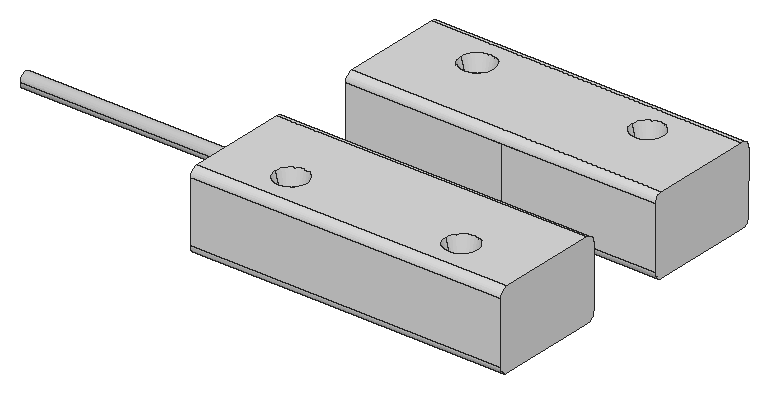
Revit family "Izveshchatel okhrannyy tochechnyy magnitokontaktnyy IO 102-555", category Датчики, Revit 2023
Family settings
  Размер круглого соединителя = Использовать диаметр
  Тип детали = Нормальный
  Номер OmniClass = 23.85.50.17
  Заголовок OmniClass = Communication and Data Processing Equipment
  На основе рабочей плоскости = Нет
  Всегда вертикально = Да
  При загрузке вырезать с полостями = Нет
  Сохранять ориентацию аннотаций = Нет
  Общий = Нет
  Точка принадлежности помещению = Нет
Parameters (values of type "Извещатель охранный точечный магнитоконтактный ИО102-555")
  Степень защиты оболочки = "IP66"
  Срок службы = "не менее 8 лет."
  Провод = yes
  Отметка по умолчанию = 0 mm
  Описание = "Извещатели охранные точечные магнитоконтактные ИО102-555 (далее извещатели) предназначены для блокировки дверных и оконных проемов, организации устройств типа «ловушка», а также блокировки других конструктивных элементов зданий и сооружений на открывание или смещение с выдачей извещения о тревоге на пульт централизованного наблюдения, прибор приёмно-контрольный или концентратор размыканием шлейфа сигнализации контактами встроенного геркона."
  Напряжение = "от 0,02 до 72 В."
  Максимальная мощность = "10 Вт."
  Кабельный вывод = Кабельный вывод
  Изготовитель = [ADSK_Завод-изготовитель]  # "ООО НПП «МАГНИТО-КОНТАКТ»"
  URL = "https://m-kontakt.ru/produkt/datch_dlya_magn_konstr/io_102_555"
  ADSK_Размер_Ширина = 15 mm
  ADSK_Размер_Длина = 20 mm
  ADSK_Размер_Высота = 10 mm
  ADSK_Примечание = "Извещатели предназначены для открытой установки на поверхности охраняемой конструкции."
  ADSK_Обозначение = "ПАШК.425119.111"
  ADSK_Наименование краткое = "ИО102-555"
  ADSK_Наименование = "Извещатель охранный точечный магнитоконтактный ИО102-555"
  ADSK_Материал = ABS пластик
  ADSK_Масса = 0
  ADSK_Завод-изготовитель = "ООО НПП «МАГНИТО-КОНТАКТ»"  # constant formula
  ADSK_Единица измерения = "шт."  # constant formula
Reference planes
  plane 1 "По центру (Вперед/Назад)": y = 0
  plane 2: z = 0
  plane 3 "По центру (Влево/Вправо)": x = 0
  plane 4: x = -20
  plane 5: x = 20
  plane 6: y = 20
  plane 7: y = 5
  plane 8: y = -5
  plane 9: y = -20
Forms (mm)
  Extrusion 1, solid, material "ABS пластик" <- "ADSK_Материал"
    sketch origin (0, 0, 0) x (1, 0, 0) y (0, 1, 0)
      loop
        line (0, 5) -> (20, 5) -> (20, 20) -> (-20, 20) -> (-20, 5) -> (0, 5)
      loop
        line (0, -5) -> (-20, -5) -> (-20, -20) -> (20, -20) -> (20, -5) -> (0, -5)
    from 0 to 10
  Extrusion 2, void
    sketch origin (0, 0, 0) x (0, 1, 0) y (0, 0, 1)
      loop
        line (20, 10) -> (18.966, 10)
        arc (18.966, 10) -> (19.697, 9.697) -> (20, 8.966) r 1.034
        line (20, 8.966) -> (20, 10)
      loop
        line (5, 10) -> (5, 8.966)
        arc (5, 8.966) -> (5.303, 9.697) -> (6.034, 10) r 1.034
        line (6.034, 10) -> (5, 10)
      loop
        line (20, 0) -> (20, 1.034)
        arc (20, 1.034) -> (19.697, 0.303) -> (18.966, 0) r 1.034
        line (18.966, 0) -> (20, 0)
      loop
        line (5, 0) -> (6.034, 0)
        arc (6.034, 0) -> (5.303, 0.303) -> (5, 1.034) r 1.034
        line (5, 1.034) -> (5, 0)
      loop
        line (-20, 10) -> (-20, 8.966)
        arc (-20, 8.966) -> (-19.697, 9.697) -> (-18.966, 10) r 1.034
        line (-18.966, 10) -> (-20, 10)
      loop
        line (-5, 10) -> (-6.034, 10)
        arc (-6.034, 10) -> (-5.303, 9.697) -> (-5, 8.966) r 1.034
        line (-5, 8.966) -> (-5, 10)
      loop
        line (-20, 0) -> (-18.966, 0)
        arc (-18.966, 0) -> (-19.697, 0.303) -> (-20, 1.034) r 1.034
        line (-20, 1.034) -> (-20, 0)
      loop
        line (-5, 0) -> (-5, 1.034)
        arc (-5, 1.034) -> (-5.303, 0.303) -> (-6.034, 0) r 1.034
        line (-6.034, 0) -> (-5, 0)
    from -20 to 20
  Extrusion 3, solid, material "Кабельный вывод" <- "Кабельный вывод", visible <- "Провод"
    sketch origin (0, 0, 0) x (0, 1, 0) y (0, 0, 1)
      loop
        circle (-9.049, 5) r 0.952
    from -20 to -50
  Extrusion 4, void
    sketch origin (0, 0, 0) x (1, 0, 0) y (0, 1, 0)
      loop
        circle (-11, 15.014) r 1.6
      loop
        circle (11, 15.014) r 1.6
      loop
        circle (-11, -15.014) r 1.6
      loop
        circle (11, -15.014) r 1.6
    from 0 to 10
  Blend 5, void
    base sketch origin (0, 0, 0) x (1, 0, 0) y (0, 1, 0)
      loop
        circle (-11, 15.014) r 1.6
    top sketch origin (0, 0, 0) x (1, 0, 0) y (0, 1, 0)
      loop
        circle (-11, 15.014) r 2.147
    from 8 to 10
  Blend 6, void
    base sketch origin (0, 0, 0) x (1, 0, 0) y (0, 1, 0)
      loop
        circle (11, 15.014) r 1.6
    top sketch origin (0, 0, 0) x (1, 0, 0) y (0, 1, 0)
      loop
        circle (11, 15.014) r 2.063
    from 8 to 10
  Blend 7, void
    base sketch origin (0, 0, 0) x (1, 0, 0) y (0, 1, 0)
      loop
        circle (-11, -15.014) r 1.6
    top sketch origin (0, 0, 0) x (1, 0, 0) y (0, 1, 0)
      loop
        circle (-11, -15.014) r 2.09
    from 8 to 10
  Blend 8, void
    base sketch origin (0, 0, 0) x (1, 0, 0) y (0, 1, 0)
      loop
        circle (11, -15.014) r 1.6
    top sketch origin (0, 0, 0) x (1, 0, 0) y (0, 1, 0)
      loop
        circle (11, -15.014) r 2.082
    from 8 to 10
  Blend 9, void
    base sketch origin (0, 0, 0) x (1, 0, 0) y (0, 1, 0)
      loop
        circle (-11, 15.014) r 2.147
    top sketch origin (0, 0, 0) x (1, 0, 0) y (0, 1, 0)
      loop
        circle (-11, 15.014) r 1.6
    from 0 to 2
  Blend 10, void
    base sketch origin (0, 0, 0) x (1, 0, 0) y (0, 1, 0)
      loop
        circle (11, 15.014) r 2.063
    top sketch origin (0, 0, 0) x (1, 0, 0) y (0, 1, 0)
      loop
        circle (11, 15.014) r 1.6
    from 0 to 2
  Blend 11, void
    base sketch origin (0, 0, 0) x (1, 0, 0) y (0, 1, 0)
      loop
        circle (-11, -15.014) r 2.09
    top sketch origin (0, 0, 0) x (1, 0, 0) y (0, 1, 0)
      loop
        circle (-11, -15.014) r 1.6
    from 0 to 2
  Blend 12, void
    base sketch origin (0, 0, 0) x (1, 0, 0) y (0, 1, 0)
      loop
        circle (11, -15.014) r 2.082
    top sketch origin (0, 0, 0) x (1, 0, 0) y (0, 1, 0)
      loop
        circle (11, -15.014) r 1.6
    from 0 to 2
Cuts and joins
  Extrusion 2, Extrusion 4, Blend 5, Blend 6, Blend 7, Blend 8, Blend 9, Blend 10, Blend 11, Blend 12 cuts Extrusion 1
Dimensions and locks
  "ADSK_Размер_Длина": plane 4 to plane 3 "По центру (Влево/Вправо)" to plane 5
  "ADSK_Размер_Ширина": plane 8 to plane 9
  "ADSK_Размер_Ширина": plane 6 to plane 7
  aligned and locked: level to plane 2
  aligned and locked: plane 4 to cut or joined group 1 (Extrusion 1, Extrusion 2, Extrusion 4, Blend 5, Blend 6, Blend 7, Blend 8, Blend 9, Blend 10, Blend 11, Blend 12)
  aligned and locked: plane 5 to cut or joined group 1  (x2)
  aligned and locked: cut or joined group 1 to plane 4
  aligned and locked: plane 6 to cut or joined group 1
  aligned and locked: plane 7 to cut or joined group 1
  aligned and locked: plane 8 to cut or joined group 1
  aligned and locked: plane 9 to cut or joined group 1
Automatic sketch dimensions
  Extrusion 1 sketch curve to plane 4 = 0 mm  (x2)
  Extrusion 1 sketch curve to plane 3 "По центру (Влево/Вправо)" = 0 mm  (x2)
  Extrusion 1 sketch curve to plane 5 = 0 mm  (x2)
  plane 1 "По центру (Вперед/Назад)" to Extrusion 1 sketch curve = 20 mm
  plane 1 "По центру (Вперед/Назад)" to Extrusion 1 sketch curve = 5 mm
  Extrusion 1 sketch curve to plane 1 "По центру (Вперед/Назад)" = 5 mm
  Extrusion 1 sketch curve to Extrusion 1 sketch curve = 15 mm
  Extrusion 2 sketch curve to level = 0 mm  (x4)
  level to Extrusion 2 sketch curve = 10 mm
  plane 1 "По центру (Вперед/Назад)" to Extrusion 2 sketch curve = 20 mm
  Extrusion 2 sketch curve to Extrusion 2 sketch curve = 0 mm  (x2)
  Extrusion 2 sketch curve to Extrusion 2 sketch curve = 1.034 mm  (x6)
  plane 1 "По центру (Вперед/Назад)" to Extrusion 2 sketch curve = 6.034 mm  (x2)
  Extrusion 2 sketch curve to plane 1 "По центру (Вперед/Назад)" = 5 mm  (x2)
  level to Extrusion 2 sketch curve = 1.034 mm  (x2)
  Extrusion 2 sketch curve to Extrusion 2 sketch curve = 12.932 mm
  Extrusion 2 sketch curve to Extrusion 2 sketch curve = 7.932 mm  (x3)
  plane 1 "По центру (Вперед/Назад)" to Extrusion 3 sketch curve = 9.049 mm
  level to Extrusion 3 sketch curve = 5 mm
  plane 4 to Extrusion 4 sketch curve = 9 mm  (x2)
  Extrusion 4 sketch curve to plane 5 = 9 mm  (x2)
  plane 1 "По центру (Вперед/Назад)" to Extrusion 4 sketch curve = 15.014 mm  (x2)
  Extrusion 4 sketch curve to plane 1 "По центру (Вперед/Назад)" = 15.014 mm  (x2)
  plane 4 to Blend 5 sketch curve = 9 mm  (x2)
  Blend 5 sketch curve to plane 1 "По центру (Вперед/Назад)" = 15.014 mm  (x2)
  Blend 6 sketch curve to plane 5 = 9 mm  (x2)
  Blend 6 sketch curve to plane 1 "По центру (Вперед/Назад)" = 15.014 mm  (x2)
  plane 4 to Blend 7 sketch curve = 9 mm  (x2)
  plane 1 "По центру (Вперед/Назад)" to Blend 7 sketch curve = 15.014 mm  (x2)
  Blend 8 sketch curve to plane 5 = 9 mm  (x2)
  plane 1 "По центру (Вперед/Назад)" to Blend 8 sketch curve = 15.014 mm  (x2)
  plane 4 to Blend 9 sketch curve = 9 mm  (x2)
  Blend 9 sketch curve to plane 1 "По центру (Вперед/Назад)" = 15.014 mm  (x2)
  Blend 10 sketch curve to plane 5 = 9 mm  (x2)
  Blend 10 sketch curve to plane 1 "По центру (Вперед/Назад)" = 15.014 mm  (x2)
  plane 4 to Blend 11 sketch curve = 9 mm  (x2)
  plane 1 "По центру (Вперед/Назад)" to Blend 11 sketch curve = 15.014 mm  (x2)
  Blend 12 sketch curve to plane 5 = 9 mm  (x2)
  plane 1 "По центру (Вперед/Назад)" to Blend 12 sketch curve = 15.014 mm  (x2)
  radius of Extrusion 3 sketch curve = 0.952 mm
  radius of Extrusion 4 sketch curve = 1.6 mm  (x4)
  radius of Blend 5 sketch curve = 1.6 mm
  radius of Blend 5 sketch curve = 2.147 mm
  radius of Blend 6 sketch curve = 1.6 mm
  radius of Blend 6 sketch curve = 2.063 mm
  radius of Blend 7 sketch curve = 1.6 mm
  radius of Blend 7 sketch curve = 2.09 mm
  radius of Blend 8 sketch curve = 1.6 mm
  radius of Blend 8 sketch curve = 2.082 mm
  radius of Blend 9 sketch curve = 2.147 mm
  radius of Blend 9 sketch curve = 1.6 mm
  radius of Blend 10 sketch curve = 2.063 mm
  radius of Blend 10 sketch curve = 1.6 mm
  radius of Blend 11 sketch curve = 2.09 mm
  radius of Blend 11 sketch curve = 1.6 mm
  radius of Blend 12 sketch curve = 2.082 mm
  radius of Blend 12 sketch curve = 1.6 mm
Connectors
  electrical at (0, 0, 0)
    settings: index 1, voltage 0 V, apparent load 0 VA, apparent load phase1 0 VA, apparent load phase2 0 VA, apparent load phase3 0 VA, power factor 1, load classification "Прочее", number of poles 2, system type 10, power factor state 1, is connector primary yes, connector utility no, sub classification motor no, connector description ""
